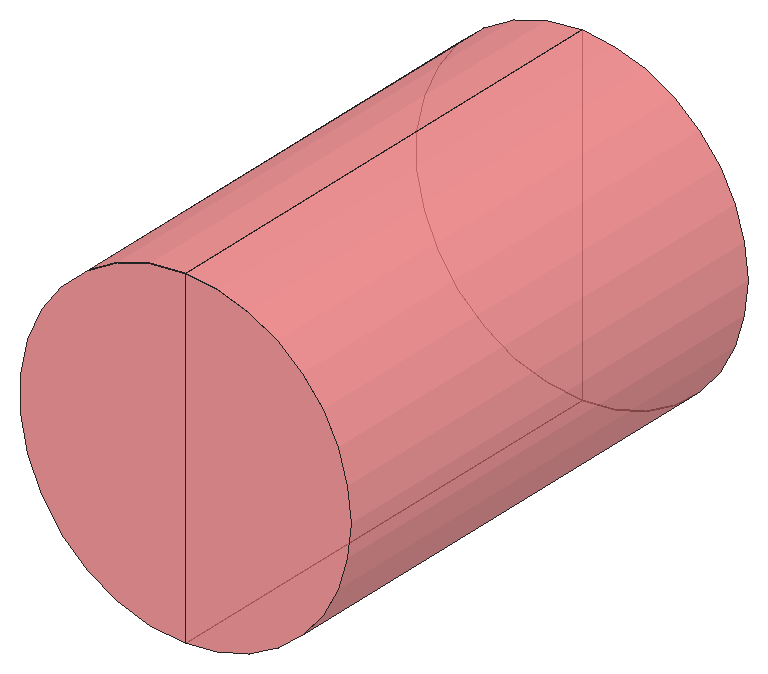
Revit family "М1_ОтверстиеКруглое_Стена", category Обобщенные модели, Revit 2021
Family settings
  Может служить основой для арматурных стержней = Нет
  Размер круглого соединителя = Использовать диаметр
  Тип детали = Нормальный
  На основе рабочей плоскости = Нет
  Всегда вертикально = Да
  При загрузке вырезать с полостями = Да
  Общий = Нет
  Точка принадлежности помещению = Нет
Parameters (values of type "Отверстие_ОВ")
  Отметка по умолчанию = 0 mm
  Группа модели = "Отверстие в стене"  # constant formula
  ADSK_Размер_Диаметр [instance] = 200 mm
  ADSK_Размер_Глубина [instance] = 300 mm
  ADSK_Отверстие_Функция = "ОВ"
  ADSK_Отверстие_Отметка от нуля [instance] = 0 mm
  ADSK_Материал = ADSK_Отверстие_ОВ
Reference planes
  plane 1 "По центру (Вперед/Назад)": y = 0
  plane 2: z = 0
  plane 3 "По центру (Влево/Вправо)": x = 0
  plane 4: x = -100
  plane 5: x = 100
  plane 6: y = 150
  plane 7: y = -150
  plane 8: z = 100
  plane 9: z = -100
  plane 10: z = 101
  plane 11: z = -101
  plane 12: y = -151
  plane 13: y = 151
Forms (mm)
  Revolve 1, solid, material "ADSK_Отверстие_ОВ" <- "ADSK_Материал"
    sketch origin (0, 0, 0) x (0, 1, 0) y (0, 0, 1)
      loop
        line (151, 0) -> (-151, 0) -> (-151, -101) -> (151, -101) -> (151, 0)
      axis (151, 0) -> (-151, 0)
    angle from 0 to 360
  Revolve 2, void
    sketch origin (0, 0, 0) x (0, 1, 0) y (0, 0, 1)
      loop
        line (-151, 101) -> (-151, 0) -> (151, 0) -> (151, 101) -> (-151, 101)
      axis (-151, 0) -> (151, 0)
    angle from 0 to 360
Dimensions and locks
  equal spacing: plane 4, plane 3 "По центру (Влево/Вправо)", plane 5
  "ADSK_Размер_Диаметр": plane 4 to plane 5
  equal spacing: plane 6, plane 1 "По центру (Вперед/Назад)", plane 7
  "ADSK_Размер_Глубина": plane 6 to plane 7
  equal spacing: plane 8, level, plane 9
  "ADSK_Размер_Диаметр": plane 8 to plane 9
  locked: plane 6 to plane 13 at 1
  locked: plane 12 to plane 7 at 1
  locked: plane 10 to plane 8 at 1
  locked: plane 9 to plane 11 at 1
  aligned and locked: level to plane 2
  aligned and locked: Revolve 1 sketch curve to level  (x2)
  aligned and locked: Revolve 2 sketch curve to level
  aligned and locked: Revolve 1 to Revolve 2 sketch curve
  aligned and locked: level to Revolve 2 sketch curve
  aligned and locked: Revolve 2 sketch curve to Revolve 1
  aligned and locked: Revolve 1 sketch curve to plane 12
  aligned and locked: plane 11 to Revolve 1 sketch curve
  aligned and locked: plane 13 to Revolve 1 sketch curve
  aligned and locked: Revolve 2 sketch curve to plane 10
Automatic sketch dimensions
  Revolve 1 sketch curve to Revolve 1 sketch curve = 375.329 mm
  Revolve 1 sketch curve to Revolve 1 sketch curve = 302.671 mm
  Revolve 2 sketch curve to plane 7 = 360 mm
  plane 6 to Revolve 2 sketch curve = 240 mm
